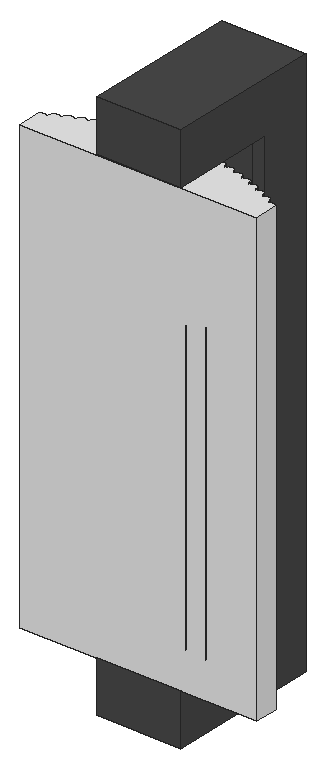
Revit family "3-761-xx - Verve Wall Sconce", category Luminarias, Revit 2021
Family settings
  Anfitrión = Muro
  Cota de conector redondo = Diámetro de uso
  Tipo de pieza = Normal
  Número OmniClass = 23.80.70.00
  Título OmniClass = Lighting
  Siempre vertical = Sí
  Corte con vacíos al cargar = No
  Origen de luz = Sí
  Compartido = No
  Punto de cálculo de habitación = No
Parameters (values of type "3-761-15 / Black")
  Ángulo de inclinación = 90.00°  # constant formula
  Elevación por defecto = 0 mm
  Comentarios de vataje = "1 x 12.0 W at 120 V"  # constant formula
  Wattage = 12.2 W
  built-in parameter 1150110 = 1 (stored number, unit not read)
  Voltage Input = "120 V or 277 V - 50/60 Hz"  # constant formula
  Voltage = 120 V
  URL = "www.oxygenlighting.com"
  built-in parameter 1114217 = 1 (stored number, unit not read)
  built-in parameter 1150109 = 1 (stored number, unit not read)
  built-in parameter 1150134 = (empty or 0)
  built-in parameter 1150113 = 1 (stored number, unit not read)
  References = "Ref. 3 = 120 V / Ref. 37 = 277 V"  # constant formula
  Modelo = "3-761-xx / Verve Wall Sconce"  # constant formula
  Metal Finish 2 = 15 - Black
  Metal Finish 1 = 6 - White
  Fabricante = "Oxygen Lighting and Fans"  # constant formula
  Lumens = 272.06 lm
  built-in parameter 1150115 = 1 (stored number, unit not read)
  built-in parameter 1150105 = 21.65 (stored number, unit not read)
  built-in parameter 1150137 = (empty or 0)
  built-in parameter 1150139 = (empty or 0)
  built-in parameter 1150112 = 1 (stored number, unit not read)
  built-in parameter 1150114 = 1 (stored number, unit not read)
  Lámpara = "LED Array"  # constant formula
  built-in parameter 1150132 = (empty or 0)
  built-in parameter 1150102 = (empty or 0)
  built-in parameter 1150138 = (empty or 0)
  built-in parameter 1150107 = 3000 (stored number, unit not read)
  built-in parameter 1150106 = 0.2165 (stored number, unit not read)
  built-in parameter 1150104 = 2.0717 (stored number, unit not read)
  Dimming Lamp Color Temperature Shift = (empty or 0)
  Color Filter = 16777215
  built-in parameter 1114218 = 1 (stored number, unit not read)
  Archivo de red fotométrica = "3-761-15 Verve 14 Sconce.ies"
  built-in parameter 1150133 = 10 (stored number, unit not read)
Reference planes
  plane 1: y = 0
  plane 2 "Light Source Axis (L/R)": x = 125
  plane 3 "Light Source Axis (F/R)": y = 142.5
  plane 4 "Light Source Elevation": z = 1020
  plane 5: y = 75
Text (mm)
  text "Placement side" at (-1787.139, 1116.779, 0), in view "Ref. Level"
  text "Placement side" at (0, 2110.396, 2986.058), in view "Left"
  text "Placement side" at (0, 628.478, 3011.967), in view "Right"
Dimensions and locks
  locked: plane 3 "Light Source Axis (F/R)" to plane 5 at 67.5
  locked: plane 4 "Light Source Elevation" to nested 1 at 177.5
  aligned and locked: plane 1 to host wall
  aligned and locked: plane 4 "Light Source Elevation" to imposter light
  aligned and locked: plane 5 to host wall
  aligned and locked: nested 1 to plane 2 "Light Source Axis (L/R)"
  aligned and locked: plane 5 to nested 1
  aligned and locked: plane 2 "Light Source Axis (L/R)" to imposter light
  aligned and locked: plane 3 "Light Source Axis (F/R)" to imposter light
Nested families
  nested 1: "Family1" at (125, 75, 1020) x (-1, 0, 0) z (0, 0, 1), type "Family1"
Connectors
  electrical at (125, 75, 1020), driven by "Voltage"
    settings: on nested 1, index 1, voltage 120 V, apparent load 0 VA, apparent load phase1 0 VA, apparent load phase2 0 VA, apparent load phase3 0 VA, power factor 1, load classification "Other", number of poles 1, system type 31, power factor state 1, is connector primary yes, connector utility no, sub classification motor no, connector description ""
Definition of nested family "Family1"
  Parameters
    Metal finish 2 = none
    Metal Finish 1 = none
    Default Elevation = 0 mm
  Reference planes
    plane 1 "Center (Front/Back)": y = 0
    plane 2: z = 0
    plane 3 "Center (Left/Right)": x = 0
  Forms (mm)
    Extrusion 1, solid, material <- "Metal Finish 1"
      sketch origin (0, 0, 0) x (1, 0, 0) y (0, 1, 0)
        loop
          line (-76, 0) -> (-76, -15)
          arc (-76, -15) -> (-75.496, -15.301) -> (-74.979, -15.579) r 12.957
          arc (-74.979, -15.579) -> (-73.426, -15.968) -> (-71.894, -15.503) r 3
          arc (-71.894, -15.503) -> (-70.88, -15.47) -> (-70.359, -16.341) r 1
          arc (-70.359, -16.341) -> (-68.734, -18.988) -> (-65.635, -18.777) r 3
          arc (-65.635, -18.777) -> (-64.623, -18.695) -> (-64.062, -19.541) r 1
          arc (-64.062, -19.541) -> (-62.312, -22.108) -> (-59.227, -21.749) r 3
          arc (-59.227, -21.749) -> (-58.22, -21.62) -> (-57.619, -22.437) r 1
          arc (-57.619, -22.437) -> (-55.749, -24.918) -> (-52.684, -24.413) r 3
          arc (-52.684, -24.413) -> (-51.685, -24.236) -> (-51.046, -25.024) r 1
          arc (-51.046, -25.024) -> (-49.06, -27.413) -> (-46.023, -26.763) r 3
          arc (-46.023, -26.763) -> (-45.033, -26.538) -> (-44.357, -27.295) r 1
          arc (-44.357, -27.295) -> (-42.26, -29.587) -> (-39.257, -28.793) r 3
          arc (-39.257, -28.793) -> (-38.279, -28.521) -> (-37.567, -29.245) r 1
          arc (-37.567, -29.245) -> (-35.364, -31.435) -> (-32.402, -30.498) r 3
          arc (-32.402, -30.498) -> (-31.438, -30.181) -> (-30.693, -30.87) r 1
          arc (-30.693, -30.87) -> (-28.394, -32.96) -> (-25.477, -31.893) r 3
          arc (-25.477, -31.893) -> (-24.528, -31.533) -> (-23.753, -32.188) r 1
          arc (-23.753, -32.188) -> (-21.358, -34.166) -> (-18.494, -32.961) r 3
          arc (-18.494, -32.961) -> (-17.564, -32.557) -> (-16.758, -33.175) r 1
          arc (-16.758, -33.175) -> (-14.272, -35.036) -> (-11.469, -33.697) r 3
          arc (-11.469, -33.697) -> (-10.558, -33.248) -> (-9.725, -33.827) r 1
          arc (-9.725, -33.827) -> (-7.329, -35.804) -> (-4.466, -34.6) r 3
          arc (-4.466, -34.6) -> (-3.535, -34.195) -> (-2.73, -34.813) r 1
          arc (-2.73, -34.813) -> (0, -36.068) -> (2.73, -34.813) r 3.596
          arc (2.73, -34.813) -> (3.535, -34.195) -> (4.466, -34.6) r 1
          arc (4.466, -34.6) -> (7.329, -35.804) -> (9.725, -33.827) r 3
          arc (9.725, -33.827) -> (10.558, -33.248) -> (11.469, -33.697) r 1
          arc (11.469, -33.697) -> (14.272, -35.036) -> (16.758, -33.175) r 3
          arc (16.758, -33.175) -> (17.564, -32.557) -> (18.494, -32.961) r 1
          arc (18.494, -32.961) -> (21.358, -34.166) -> (23.753, -32.188) r 3
          arc (23.753, -32.188) -> (24.528, -31.533) -> (25.477, -31.893) r 1
          arc (25.477, -31.893) -> (28.394, -32.96) -> (30.693, -30.87) r 3
          arc (30.693, -30.87) -> (31.438, -30.181) -> (32.402, -30.498) r 1
          arc (32.402, -30.498) -> (35.364, -31.435) -> (37.567, -29.245) r 3
          arc (37.567, -29.245) -> (38.279, -28.521) -> (39.257, -28.793) r 1
          arc (39.257, -28.793) -> (42.26, -29.587) -> (44.357, -27.295) r 3
          arc (44.357, -27.295) -> (45.033, -26.538) -> (46.023, -26.763) r 1
          arc (46.023, -26.763) -> (49.06, -27.413) -> (51.046, -25.024) r 3
          arc (51.046, -25.024) -> (51.685, -24.236) -> (52.684, -24.413) r 1
          arc (52.684, -24.413) -> (55.749, -24.918) -> (57.619, -22.437) r 3
          arc (57.619, -22.437) -> (58.22, -21.62) -> (59.227, -21.749) r 1
          arc (59.227, -21.749) -> (62.312, -22.108) -> (64.062, -19.541) r 3
          arc (64.062, -19.541) -> (64.623, -18.695) -> (65.635, -18.777) r 1
          arc (65.635, -18.777) -> (68.734, -18.988) -> (70.359, -16.341) r 3
          arc (70.359, -16.341) -> (70.88, -15.47) -> (71.894, -15.503) r 1
          arc (71.894, -15.503) -> (73.426, -15.968) -> (74.979, -15.579) r 3
          arc (74.979, -15.579) -> (75.496, -15.301) -> (76, -15) r 12.957
          line (76, -15) -> (76, 0) -> (-76, 0)
      from -144.5 to 144.5
    Extrusion 2, solid, material <- "Metal finish 2"
      sketch origin (0, 0, 0) x (0, 1, 0) y (0, 0, 1)
        loop
          line (0, 144.5) -> (0, 177.5) -> (-100.016, 177.5) -> (-100.016, -144.5) -> (-100.016, -177.5) -> (0, -177.5) -> (0, -144.5) -> (-67.016, -144.5) -> (-67.016, 144.5) -> (0, 144.5)
      from -27 to 27
    Extrusion 3, void
      sketch origin (0, 0, 0) x (1, 0, 0) y (0, 1, 0)
        loop
          line (-19.642, -67.016) -> (-19.642, -87.016) -> (20.358, -87.016) -> (20.358, -67.016) -> (-19.642, -67.016)
      from -144.5 to 144.5
  Cuts and joins
    Extrusion 3 cuts Extrusion 2
  Dimensions and locks
    aligned and locked: level to plane 2
